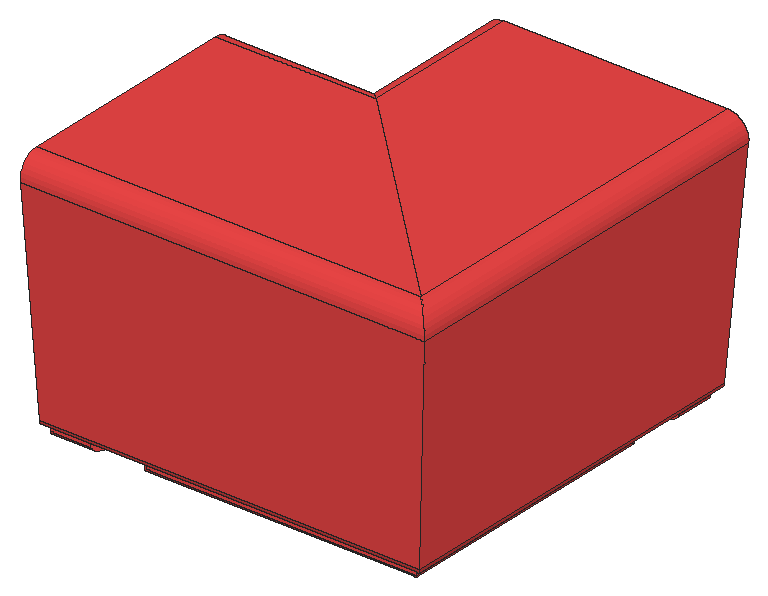
Revit family "Modullaro ML 05", category Furniture, host Face, Revit 2018
Family settings
  Host = Face
  OmniClass Number = 23.40.10.11.14
  OmniClass Title = Exterior Seating
  Cut with Voids When Loaded = No
  Shared = No
  Room Calculation Point = No
Parameters (values of type "Modullaro ML 05")
  Width = 494 mm  # constant formula
  Weight (approximately) = 16.00 kg  # constant formula
  URL = "https://astrini-design.pl/en/"
  Operating temperature = "-40°C to 80°C, ( -40°F to 176°F )"  # constant formula
  Material information = "Colour choice from RAL colour standard. Customer may inquire about specific request regarding individual order."
  Material [instance] = ASTRINI DESIGN_Polyester-Glass Laminate
  Manufacturer = "Astrini Design"  # constant formula
  Type Image = ML-5.jpg
  Model = "Modullaro ML 05"  # constant formula
  Type Comments = "Bench"  # constant formula
  Length = 747 mm  # constant formula
  IfcExportAs = "IfcFurnishingElement"  # constant formula
  Height = 500 mm  # constant formula
  Default Elevation = 1219.2 mm
Reference planes
  plane 1 "Środek (Przód/Tył)": y = 0
  plane 2: z = 0
  plane 3 "Środek (Lewa/Prawa)": x = 0
  plane 4: y = 500
  plane 5: y = -500
Forms (mm)
  Extrusion 1, void
    sketch origin (72.968, -618.335, 0) x (0.872636, 0.488371, 0) y (-0.488371, 0.872636, 0)
      loop
        line (633.9, 714.856) -> (734.293, 658.67) -> (795.318, 767.71) -> (694.964, 823.873)
        arc (694.964, 823.873) -> (683.722, 813.398) -> (668.457, 811.65) r 24.57
        arc (668.457, 811.65) -> (625.388, 791.988) -> (631.153, 744.995) r 40.055
        arc (631.153, 744.995) -> (637.717, 730.398) -> (633.9, 714.856) r 24.571
      loop
        arc (346.957, 904.045) -> (390.026, 923.708) -> (384.261, 970.701) r 40.055
        arc (384.261, 970.701) -> (377.767, 984.626) -> (380.816, 999.686) r 24.57
        line (380.816, 999.686) -> (280.462, 1055.849) -> (219.438, 946.809) -> (319.832, 890.624)
        arc (319.832, 890.624) -> (331.083, 902.006) -> (346.957, 904.045) r 24.571
      loop
        arc (-114.727, 589.526) -> (-129.324, 582.962) -> (-144.867, 586.779) r 24.571
        line (-144.867, 586.779) -> (-201.052, 486.386) -> (-92.012, 425.362) -> (-35.849, 525.715)
        arc (-35.849, 525.715) -> (-46.324, 536.957) -> (-48.072, 552.223) r 24.57
        arc (-48.072, 552.223) -> (-67.735, 595.291) -> (-114.727, 589.526) r 40.055
      loop
        arc (44.323, 873.722) -> (63.986, 830.653) -> (110.978, 836.418) r 40.055
        arc (110.978, 836.418) -> (124.904, 842.912) -> (139.964, 839.864) r 24.57
        line (139.964, 839.864) -> (196.127, 940.217) -> (87.087, 1001.241) -> (30.902, 900.847)
        arc (30.902, 900.847) -> (42.284, 889.596) -> (44.323, 873.722) r 24.571
    from -30 to 24.5
  Sweep 2, solid, material "ASTRINI DESIGN_Polyester-Glass Laminate" <- "Material", detail levels fine
    path origin (-145.163, 493.443, 0) x (1, 0, 0) y (0, 1, 0)
      loop
        line (-257.95, -738.929) -> (491.476, -738.929) -> (491.476, 10.545)
    profile origin (-403.113, -245.485, 0) x (0, 1, 0) y (0, 0, 1)
      loop
        arc (491.062, 448.862) -> (481.915, 478.862) -> (453.933, 493.03) r 39.979
        arc (453.933, 493.03) -> (245.485, 499.871) -> (37.038, 493.03) r 3179.203
        arc (37.038, 493.03) -> (9.056, 478.862) -> (-0.091, 448.862) r 39.979
        line (-0.091, 448.862) -> (44.525, 33.931)
        arc (44.525, 33.931) -> (47.785, 27.561) -> (54.468, 25) r 10
        line (54.468, 25) -> (65.485, 25)
        arc (65.485, 25) -> (69.021, 23.536) -> (70.485, 20) r 5
        line (70.485, 20) -> (70.485, 5)
        arc (70.485, 5) -> (71.95, 1.464) -> (75.485, 0) r 5
        line (75.485, 0) -> (415.485, 0)
        arc (415.485, 0) -> (419.021, 1.464) -> (420.485, 5) r 5
        line (420.485, 5) -> (420.485, 20)
        arc (420.485, 20) -> (421.95, 23.536) -> (425.485, 25) r 5
        line (425.485, 25) -> (436.503, 25)
        arc (436.503, 25) -> (443.186, 27.561) -> (446.446, 33.931) r 10
        line (446.446, 33.931) -> (491.062, 448.862)
  Sweep 3, solid, material "ASTRINI DESIGN_Polyester-Glass Laminate" <- "Material", detail levels medium
    path origin (-145.163, 493.443, 0) x (1, 0, 0) y (0, 1, 0)
      loop
        line (-257.95, -738.929) -> (491.476, -738.929) -> (491.476, 10.545)
    profile origin (-403.113, -245.485, 0) x (0, 1, 0) y (0, 0, 1)
      loop
        arc (491.062, 448.862) -> (481.915, 478.862) -> (453.933, 493.03) r 39.979
        arc (453.933, 493.03) -> (245.485, 499.871) -> (37.038, 493.03) r 3179.203
        arc (37.038, 493.03) -> (9.056, 478.862) -> (-0.091, 448.862) r 39.979
        line (-0.091, 448.862) -> (48.174, 0) -> (442.797, 0) -> (491.062, 448.862)
  Sweep 4, solid, material "ASTRINI DESIGN_Polyester-Glass Laminate" <- "Material", detail levels coarse
    path origin (-145.163, 493.443, 0) x (1, 0, 0) y (0, 1, 0)
      loop
        line (-257.95, -738.929) -> (491.476, -738.929) -> (491.476, 10.545)
    profile origin (-403.113, -245.485, 0) x (0, 1, 0) y (0, 0, 1)
      loop
        line (-0.091, 0) -> (491.062, 0) -> (491.062, 499.871) -> (-0.091, 499.871) -> (-0.091, 0)
Cuts and joins
  Extrusion 1 cuts Sweep 2
Lines and regions (mm)
  symbolic lines, style "Furniture"
    curve 1: line (346.404, -245.577, 0) -> (346.404, 503.989, 0)
    curve 2: line (-403.113, -245.577, 0) -> (346.404, -245.577, 0)
    curve 3: line (-403.113, -245.577, 0) -> (-403.113, 245.577, 0)
    curve 4: line (-144.749, 245.577, 0) -> (-403.113, 245.577, 0)
    curve 5: line (-144.749, 503.989, 0) -> (-144.749, 245.577, 0)
    curve 6: line (346.404, 503.989, 0) -> (-144.749, 503.989, 0)
Dimensions and locks
  aligned and locked: plane 2 to host face
  aligned and locked: level to host face
